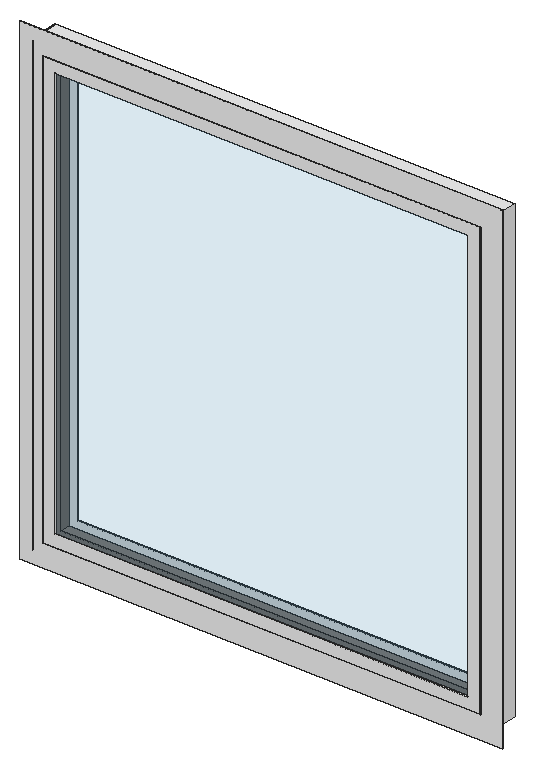
Revit family "Casement_34_E_Side_Hung_Custom", category Windows, host Wall, Revit 2014
Parameters (values of type "Casement_Sash_DG")
  Width Sash [instance] = 30 mm
  Width Sash Inner = 15 mm
  Width Bead = 15 mm
  Top Hung [instance] = yes
  Side Hung Right [instance] = yes
  Side Hung Left [instance] = yes
  Sash Opening Width [instance] = 600 mm
  Sash Opening Height [instance] = 600.312 mm
  Sash Lip = 15 mm
  Glazing Material [instance] = Glass
  DG Start Piece 2 [instance] = DG End Piece 1 + DG Gasket Thickness  # 25 mm
  DG Start Peice 1 [instance] = (Depth Sash - (2 * DG Glazing Thickness) - DG Gasket Thickness) / 2  # 6.6 mm
  Glazing Offset = 5 mm
  DG Glazing Thickness [instance] = 6.4 mm
  DG Gasket Thickness = 12 mm  # constant formula
  DG Gasket Material [instance] = Double Glazing Gasket Material
  DG End Piece 2 [instance] = DG Start Piece 2 + DG Glazing Thickness  # 31.4 mm
  DG End Piece 1 [instance] = DG Start Peice 1 + DG Glazing Thickness  # 13 mm
  Depth Sash [instance] = 38 mm
  Center Vertical Sash [instance] = Sash Opening Height / 2  # 300.156 mm
  Center Horizontal Sash [instance] = Sash Opening Width / 2  # 300 mm
  Bottom Hung [instance] = yes
  Bead Offset = 15 mm
  Aluminium Thickness = 1 mm
  Aluminium Material [instance] = White Powder Coated Aluminium
Reference planes
  plane 1 "Center (Front/Back)": y = 0
  plane 2: z = 0
  plane 3 "Center (Left/Right)": x = 0
Forms (mm)
  Sweep 1, solid, material "White Powder Coated Aluminium" <- "Aluminium Material"
    path origin (16.177, 0, 121.331) x (1, 0, 0) y (0, 0, 1)
      loop
        line (0, 0) -> (600, 0) -> (600, 600.312) -> (0, 600.312) -> (0, 0)
    profile origin (316.177, 0, 121.331) x (0, 0, 1) y (0, -1, 0)
      loop
        line (0, 0) -> (30, 0) -> (30, 1) -> (15, 1) -> (15, 38) -> (-15, 38) -> (-15, 37) -> (0, 37) -> (0, 0)
      loop
        line (14, 1) -> (14, 37) -> (1, 37) -> (1, 1) -> (14, 1)
  Sweep 2, solid, material "White Powder Coated Aluminium" <- "Aluminium Material"
    path origin (0, 0, 0) x (1, 0, 0) y (0, 0, 1)
      loop
        line (31.177, 706.643) -> (31.177, 136.331) -> (601.177, 136.331) -> (601.177, 706.643) -> (31.177, 706.643)
    profile origin (316.177, 0, 706.643) x (0, 0, 1) y (0, -1, 0)
      loop
        line (0, 37) -> (0, 38) -> (-15, 38) -> (-15, 37) -> (0, 37)
  Extrusion 3, solid, material "Glass" <- "Glazing Material"
    sketch origin (0, 0, 0) x (1, 0, 0) y (0, 0, 1)
      loop
        line (36.177, 701.643) -> (36.177, 141.331) -> (596.177, 141.331) -> (596.177, 701.643) -> (36.177, 701.643)
    from 6.6 <- "DG Start Peice 1" to 13 <- "DG End Piece 1"
  Extrusion 4, solid, material "Glass" <- "Glazing Material"
    sketch origin (0, 0, 0) x (1, 0, 0) y (0, 0, 1)
      loop
        line (36.177, 701.643) -> (36.177, 141.331) -> (596.177, 141.331) -> (596.177, 701.643) -> (36.177, 701.643)
    from 31.4 <- "DG End Piece 2" to 25 <- "DG Start Piece 2"
  Sweep 5, solid, material "Double Glazing Gasket Material" <- "DG Gasket Material"
    path origin (0, -13, 0) x (1, 0, 0) y (0, 0, 1)
      loop
        line (36.177, 701.643) -> (36.177, 141.331) -> (596.177, 141.331) -> (596.177, 701.643) -> (36.177, 701.643)
    profile origin (316.177, -13, 701.643) x (0, 0, 1) y (0, -1, 0)
      loop
        line (0, 0) -> (0, 12) -> (-7.96, 12) -> (-7.96, 0) -> (0, 0)
Lines and regions (mm)
  model lines
    curve 1: line (1.177, -38, 736.643) -> (31.177, -38, 706.643)
    curve 2: line (601.177, -38, 706.643) -> (631.177, -38, 736.643)
    curve 3: line (601.177, -38, 136.331) -> (631.177, -38, 106.331)
    curve 4: line (1.177, -38, 106.331) -> (31.177, -38, 136.331)
    curve 5: line (631.177, -37, 736.643) -> (616.177, -37, 721.643)
    curve 6: line (1.177, -37, 736.643) -> (16.177, -37, 721.643)
    curve 7: line (1.177, -37, 106.331) -> (16.177, -37, 121.331)
    curve 8: line (631.177, -37, 106.331) -> (616.177, -37, 121.331)
    curve 9: line (616.177, 0, 121.331) -> (586.177, 0, 151.331)
    curve 10: line (46.177, 0, 151.331) -> (16.177, 0, 121.331)
    curve 11: line (616.177, 0, 721.643) -> (586.177, 0, 691.643)
    curve 12: line (46.177, 0, 691.643) -> (16.177, 0, 721.643)
    curve 13: line (31.177, -38, 691.643) -> (46.177, -38, 691.643)
    curve 14: line (586.177, -38, 691.643) -> (601.177, -38, 691.643)
    curve 15: line (586.177, -38, 151.331) -> (601.177, -38, 151.331)
    curve 16: line (31.177, -38, 151.331) -> (46.177, -38, 151.331)
  model lines, style "GenericModelHiddenLines", visible <- "Top Hung"
    curve 17: line (46.386, -31.4, 690.914) -> (316.177, -31.4, 151.331)
    curve 18: line (316.177, -31.4, 151.331) -> (586.177, -31.4, 691.331)
  model lines, style "GenericModelHiddenLines", visible <- "Bottom Hung"
    curve 19: line (46.177, -31.4, 151.331) -> (316.177, -31.4, 691.331)
    curve 20: line (316.177, -31.4, 691.331) -> (586.177, -31.4, 151.331)
  model lines, style "GenericModelHiddenLines", visible <- "Side Hung Left"
    curve 21: line (46.386, -31.4, 690.914) -> (585.24, -31.4, 421.487)
    curve 22: line (585.24, -31.4, 421.487) -> (46.177, -31.4, 151.331)
  model lines, style "GenericModelHiddenLines", visible <- "Side Hung Right"
    curve 23: line (586.177, -31.4, 691.331) -> (46.177, -31.4, 421.487)
    curve 24: line (46.177, -31.4, 421.487) -> (586.177, -31.4, 151.331)
Dimensions and locks
  "Aluminium Thickness": Sweep 1 sketch curve to Sweep 1 sketch curve  (x4)
  "Depth Sash": Sweep 1 sketch curve to Sweep 1 sketch curve
  "Sash Opening Width": Sweep 1 to Sweep 1
  "Sash Opening Height": Sweep 1 to Sweep 1
  "Width Sash": Sweep 1 sketch curve to Sweep 1 sketch curve  (x2)
  "Width Sash Inner": Sweep 1 sketch curve to Sweep 1 sketch curve
  "Sash Lip": Sweep 1 sketch curve to Sweep 1 sketch curve
  "Aluminium Thickness": Sweep 1 to Sweep 2 sketch curve
  "Glazing Offset": Sweep 2 to Extrusion 3 sketch curve  (x3)
  "Glazing Offset": Extrusion 3 sketch curve to Sweep 2
  Sweep 1 to Sweep 1 = 1 mm
  "Aluminium Thickness": Sweep 2 sketch curve to Sweep 2 sketch curve
  "Width Bead": Sweep 2 sketch curve to Sweep 2 sketch curve
  locked: Sweep 5 sketch curve to Sweep 5 sketch curve at 7.96
  "Center Horizontal Sash": Sweep 1 to curve 18
  "Center Horizontal Sash": Sweep 1 to curve 20
  "Center Vertical Sash": Sweep 1 to curve 22
  "Center Vertical Sash": Sweep 1 to curve 24
  aligned and locked: level to plane 2
  aligned and locked: Sweep 1 sketch curve to Sweep 1 sketch curve  (x2)
  aligned and locked: Sweep 2 sketch curve to Sweep 1  (x5)
  aligned and locked: Extrusion 4 sketch curve to Extrusion 3  (x4)
  aligned and locked: Sweep 5 sketch curve to Extrusion 3  (x5)
  aligned and locked: Extrusion 3 to Sweep 5 sketch curve
Automatic sketch dimensions
  plane 3 "Center (Left/Right)" to Sweep 1 sketch curve = 16.177 mm
  level to Sweep 1 sketch curve = 121.331 mm
  plane 3 "Center (Left/Right)" to Sweep 1 sketch curve = 616.177 mm
  level to Sweep 1 sketch curve = 721.643 mm
  profile plane to Sweep 5 sketch curve = 12 mm
  curve 7 to Sweep 1 = 0 mm  (x4)
  curve 6 to Sweep 1 = 0 mm  (x3)
  Sweep 1 to curve 6 = 0 mm
  curve 5 to Sweep 1 = 0 mm  (x3)
  curve 8 to Sweep 1 = 0 mm  (x4)
  Sweep 1 to curve 5 = 0 mm
  curve 16 to Sweep 2 = 0 mm  (x3)
  curve 13 to Sweep 2 = 0 mm  (x3)
  curve 15 to Sweep 2 = 0 mm
  Sweep 2 to curve 15 = 0 mm  (x2)
  curve 14 to Sweep 2 = 0 mm  (x2)
  Sweep 2 to curve 14 = 0 mm
  curve 1 to Sweep 1 = 0 mm  (x4)
  curve 4 to Sweep 1 = 0 mm  (x3)
  Sweep 1 to curve 4 = 0 mm
  curve 3 to Sweep 1 = 0 mm  (x3)
  curve 2 to Sweep 1 = 0 mm  (x4)
  Sweep 1 to curve 3 = 0 mm
  curve 10 to Sweep 1 = 0 mm  (x4)
  curve 12 to Sweep 1 = 0 mm  (x3)
  Sweep 1 to curve 12 = 0 mm
  curve 9 to Sweep 1 = 0 mm  (x4)
  curve 11 to Sweep 1 = 0 mm  (x3)
  Sweep 1 to curve 11 = 0 mm
  Sweep 1 sketch curve to plane 1 "Center (Front/Back)" = 0 mm
  profile plane to Sweep 1 sketch curve = 0 mm
  curve 21 to Extrusion 4 = 10.208 mm
  curve 19 to Extrusion 4 = 10 mm
  curve 23 to Extrusion 4 = 10 mm  (x2)
  curve 22 to Extrusion 4 = 10.937 mm
  curve 20 to Extrusion 4 = 10 mm
  curve 24 to Extrusion 4 = 10 mm
  curve 22 to Extrusion 4 = 10 mm
  curve 18 to Extrusion 4 = 10 mm
  curve 21 to Extrusion 4 = 10.729 mm
  curve 19 to Extrusion 4 = 10.312 mm
  curve 18 to Extrusion 4 = 10.312 mm
